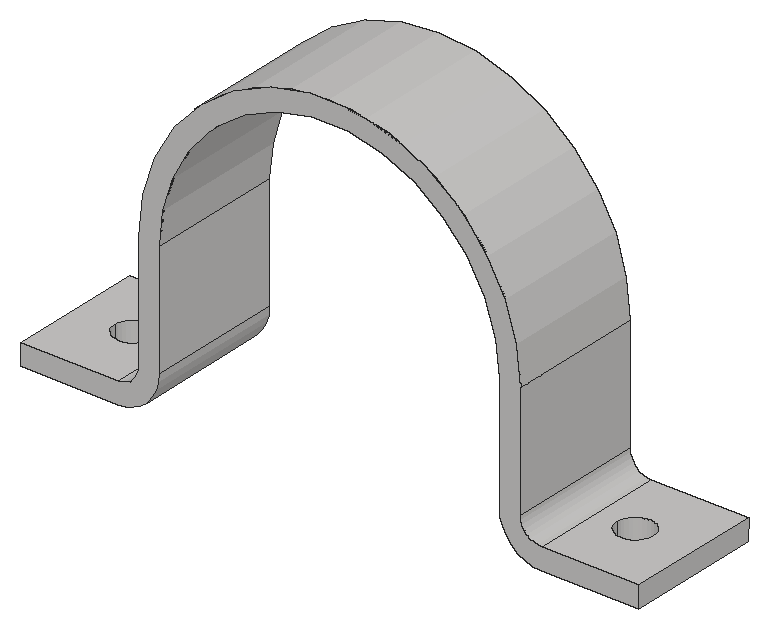
Revit family "Pipe-Strap-Atkore-Single-Piece-P2558-35", category Specialty Equipment, Revit 2012
Parameters (values of type "P2558-35")
  ecoScorecard_data = ""
  ecoScorecard Product Page = ""
  Unit = Metal - Aluminum - Atkore - Electro - Galvanized
  URL = "http://unistrut.us/index.php"
  Thickness = 6.40 mm
  Subcategory = "Pipe Strap"  # constant formula
  Product Page URL = ""
  Part Type = "Strap"  # constant formula
  Part Number = "P2558-35"
  Overall Width = 186.531 mm
  Overall Height = 104.775 mm
  Overall Depth = 41.275 mm
  Model = "P2558-35"  # constant formula
  Material = "Multiple Options - See Catalog"
  Manufacturer Toll Free Phone = "800-882-5543"  # constant formula
  Manufacturer Phone = "708-339-1610"  # constant formula
  Manufacturer Fax = "708-339-7814"  # constant formula
  Manufacturer Email = "mailto:questions@atkore.com"
  Manufacturer Address = "16100 South Lathrop Avenue, Harvey, IL 60426"  # constant formula
  Manufacturer = "Unistrut by Atkore International"  # constant formula
  Load Capacity Note = "Visit the product page for load application and capacity."  # constant formula
  Literature URL = ""
  Description = "Single Piece Pipe Strap"  # constant formula
  Cost Info = "mailto:questions@atkore.com"
  Construction Note = ""
  CSI MasterSpec = ""
  CAD URL = ""
  Assembly Code = "D5090300"
  95 CSI = "16070"  # constant formula
  04 CSI = "26 05 48"  # constant formula
Reference planes
  plane 1 "Center (Front/Back)": y = 0
  plane 2: z = 0
  plane 3 "Center (Left/Right)": x = 0
  plane 4: y = 20.637
  plane 5: y = -20.637
  plane 6: x = -93.266
  plane 7: x = 93.266
  plane 8: z = 104.775
Dimensions and locks
  equal spacing: plane 4, plane 1 "Center (Front/Back)", plane 5
  "Overall Height": plane 8 to level
  "Overall Depth": plane 4 to plane 5
  "Overall Width": plane 6 to plane 7
  equal spacing: plane 6, plane 3 "Center (Left/Right)", plane 7
  aligned and locked: level to plane 2
  aligned and locked: plane 3 "Center (Left/Right)" to nested 1
  aligned and locked: plane 1 "Center (Front/Back)" to nested 1
Nested families
  nested 1: "P2558-35" at (0, 0, 0), type "P2558-35"
Definition of nested family "P2558-35"
  Parameters (values of type "P2558-35")
    Unit = Metal - Aluminum - Atkore - Electro - Galvanized
    Default Elevation = 0.00 mm
    C = 17.50 mm
    B = 11.10 mm
    A = 174.60 mm
  Reference planes
    plane 1 "Center (Front/Back)": y = 0
    plane 2: z = 0
    plane 3 "Center (Left/Right)": x = 0
    plane 4: y = -20.638
    plane 5: x = -93.266
    plane 6: x = 93.266
    plane 7: y = 20.637
    plane 8: z = 104.775
  Forms (mm)
    Sweep 1, solid, material "Metal - Aluminum - Atkore - Electro - Galvanized" <- "Unit"
      path origin (0, 0, 0) x (1, 0, 0) y (0, 1, 0)
        loop
          line (0, 20.637) -> (0, -20.638)
      profile origin (0, 0, 0) x (1, 0, 0) y (0, 0, 1)
        loop
          arc (57.547, 47.228) -> (0, 104.775) -> (-57.547, 47.228) r 57.547
          line (-57.547, 47.228) -> (-57.547, 12.7)
          arc (-57.547, 12.7) -> (-59.407, 8.21) -> (-63.897, 6.35) r 6.35
          line (-63.897, 6.35) -> (-63.897, 0)
          arc (-63.897, 0) -> (-54.917, 3.72) -> (-51.197, 12.7) r 12.7
          line (-51.197, 12.7) -> (-51.197, 47.228)
          arc (-51.197, 47.228) -> (0, 98.425) -> (51.197, 47.228) r 51.197
          line (51.197, 47.228) -> (51.197, 12.7)
          arc (51.197, 12.7) -> (54.917, 3.72) -> (63.897, 0) r 12.7
          line (63.897, 0) -> (63.897, 6.35)
          arc (63.897, 6.35) -> (59.407, 8.21) -> (57.547, 12.7) r 6.35
          line (57.547, 12.7) -> (57.547, 47.228)
    Sweep 2, solid, material "Metal - Aluminum - Atkore - Electro - Galvanized" <- "Unit"
      path origin (0, 0, 0) x (1, 0, 0) y (0, 0, 1)
        loop
          line (-93.266, 0) -> (-93.266, 6.35)
      profile origin (-93.266, 0, 3.175) x (-1, 0, 0) y (0, -1, 0)
        loop
          line (-29.369, -20.637) -> (0, -20.637) -> (0, 20.638) -> (-29.369, 20.638) -> (-29.369, -20.637)
        loop
          circle (-17.463, 0) r 5.556
    Sweep 3, solid, material "Metal - Aluminum - Atkore - Electro - Galvanized" <- "Unit"
      path origin (0, 0, 0) x (-1, 0, 0) y (0, 0, 1)
        loop
          line (-93.266, 0) -> (-93.266, 6.35)
      profile origin (93.266, 0, 3.175) x (-1, 0, 0) y (0, -1, 0)
        loop
          line (29.369, -20.637) -> (29.369, 20.638) -> (0, 20.638) -> (0, -20.637) -> (29.369, -20.637)
        loop
          circle (17.462, 0) r 5.556
  Cuts and joins
    joined: Sweep 1, Sweep 2, Sweep 3
  Dimensions and locks
    equal spacing: plane 4, plane 1 "Center (Front/Back)", plane 7
    equal spacing: plane 5, plane 3 "Center (Left/Right)", plane 6
    aligned and locked: plane 2 to level
    aligned and locked: plane 7 to Sweep 1 sketch curve
    aligned and locked: plane 4 to Sweep 1 sketch curve
    aligned and locked: Sweep 1 sketch curve to plane 3 "Center (Left/Right)"
  Automatic sketch dimensions
    Sweep 1 sketch curve to Sweep 1 sketch curve = 0.00 mm  (x6)
    Sweep 1 sketch curve to level = 0.00 mm  (x2)
    profile plane to Sweep 1 sketch curve = 0.00 mm
    profile plane to Sweep 1 sketch curve = 51.197 mm
    Sweep 1 sketch curve to Sweep 1 sketch curve = 6.35 mm  (x3)
    Sweep 1 sketch curve to Sweep 1 sketch curve = 34.528 mm
    Sweep 2 sketch curve to plane 5 = 0.00 mm
    Sweep 2 sketch curve to level = 0.00 mm
    Sweep 2 sketch curve to Sweep 2 sketch curve = 6.35 mm
    plane 1 "Center (Front/Back)" to Sweep 2 sketch curve = 0.00 mm
    Sweep 2 sketch curve to profile plane = 0.00 mm
    profile plane to Sweep 2 sketch curve = 17.463 mm
    Sweep 2 sketch curve to Sweep 2 sketch curve = 11.906 mm
    Sweep 2 sketch curve to plane 1 "Center (Front/Back)" = 20.637 mm
    plane 1 "Center (Front/Back)" to Sweep 2 sketch curve = 20.638 mm
    Sweep 3 sketch curve to plane 6 = 0.00 mm
    Sweep 3 sketch curve to level = 0.00 mm
    Sweep 3 sketch curve to level = 6.35 mm
    Sweep 3 sketch curve to profile plane = 0.00 mm
    plane 1 "Center (Front/Back)" to Sweep 3 sketch curve = 0.00 mm
    Sweep 3 sketch curve to profile plane = 17.462 mm
    Sweep 3 sketch curve to Sweep 3 sketch curve = 11.906 mm
    Sweep 3 sketch curve to plane 1 "Center (Front/Back)" = 20.637 mm
    plane 1 "Center (Front/Back)" to Sweep 3 sketch curve = 20.638 mm
    radius of Sweep 2 sketch curve = 5.556 mm
    radius of Sweep 3 sketch curve = 5.556 mm
